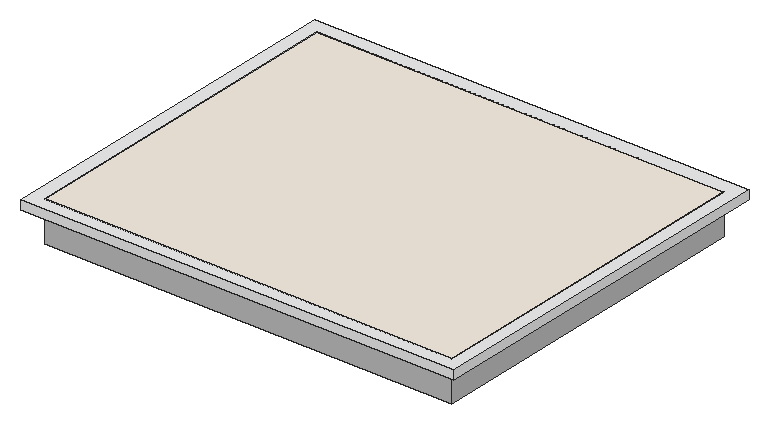
Revit family "Lighting-Industrial-GEWISS-ELIA-HL-LED_HIGHBAY", category Apparecchi per illuminazione, host Superficie, Revit 2019 (continued)
Types (12, lengths in mm): name | Weight (kg): | Weight (kg) | Voltage | Technical sheet | System power | Optic | built-in parameter 1150142 | Lumen output (lm) | Model | IDT | File diagramma fotometrico | Description
    3 11107.01 10877.01 \r\n10630.88 10363.22 10071.36 9747.21 9410.96 9088.16 \r\n8769.40 8457.36 8153.39 7861.52 7581.76 7311.42 7054.52 \r\n6817.80 6594.53 6377.99 6166.82 5954.31 5748.53 5557.54 \r\n5374.62 5205.15 5041.06 4878.31 4720.95 4571.65 4429.09 \r\n4283.82 4141.25 4002.72 3866.88 3732.38 3600.56 3476.82 \r\n3357.12 3241.45 3125.78 3010.11 2894.44 2778.77 2664.04 \r\n2548.64 2436.60 2333.71 2235.12 2135.46 2040.90 1956.71 \r\n1878.29 1802.03 1728.73 1657.31 1588.71 1524.15 1461.75 \r\n1400.01 1339.08 1279.09 1220.32 1162.21 1106.40 1054.08 \r\n1004.31 956.70 911.24 867.79 825.56 783.73 743.25 706.13 \r\n670.89 636.86 604.04 571.49 539.88 509.62 480.84 454.34 \r\n429.59 405.52 382.52 360.73 339.48 318.63 298.59 279.89 \r\n261.70 243.35 225.14 207.09 189.34 171.99 155.28 139.52 \r\n124.55 110.38 96.88 83.86 71.50 59.99 49.21 39.11 29.98 \r\n22.09 15.57 10.66 7.25 5.30 4.84 \r\n13471.52 13472.86 13475.55 13478.24 13480.93 13486.31 \r\n13491.69 13499.76 13506.49 13514.56 13523.97 13533.39 \r\n13544.15 13556.25 13569.70 13583.15 13596.60 13610.05 \r\n13624.85 13638.30 13654.44 13667.89 13684.03 13698.82 \r\n13714.96 13728.41 13743.21 13756.66 13770.11 13780.87 \r\n13791.63 13801.04 13809.11 13814.49 13818.53 13819.87 \r\n13819.87 13815.84 13810.46 13802.39 13791.63 13776.83 \r\n13760.69 13739.17 13716.31 13690.75 13659.82 13626.19 \r\n13589.88 13548.18 13501.11 13452.69 13400.23 13341.05 \r\n13277.84 13206.55 13132.58 13049.19 12960.42 12860.89 \r\n12751.94 12637.62 12511.19 12372.65 12222.01 12063.30 \r\n11892.49 11712.26 11522.61 11324.90 11115.08 10889.12 \r\n10642.98 10376.67 10087.50 9763.35 9428.45 9101.61 \r\n8778.81 8462.74 8157.42 7864.21 7581.76 7312.76 7059.90 \r\n6824.53 6599.91 6382.02 6169.51 5958.35 5753.91 5561.57 \r\n5378.65 5206.49 5039.71 4876.97 4718.26 4568.96 4423.70 \r\n4279.79 4137.22 4000.03 3864.18 3731.03 3600.56 3476.82 \r\n3357.12 3240.11 3124.43 3010.11 2894.44 2780.11 2664.98 \r\n2549.72 2437.54 2332.36 2231.76 2133.04 2039.56 1956.03 \r\n1878.02 1802.03 1728.86 1657.58 1588.98 1524.42 1462.01 \r\n1400.28 1339.49 1278.96 1219.38 1160.87 1104.38 1051.92 \r\n1002.16 955.35 910.70 867.66 825.83 783.73 743.25 706.26 \r\n671.29 637.66 604.98 572.57 541.23 511.10 482.45 456.22 \r\n431.48 407.00 383.32 361.13 339.61 318.90 298.86 280.16 \r\n262.15 243.92 225.73 207.40 189.38 171.97 155.25 139.53 \r\n124.57 110.33 96.75 83.70 71.34 59.83 49.08 38.95 29.82 \r\n22.02 15.59 10.68 7.25 5.30 4.83 \r\n13471.52 13474.21 13475.55 13478.24 13482.28 13486.31 \r\n13493.04 13499.76 13506.49 13514.56 13523.97 13534.73 \r\n13544.15 13556.25 13568.36 13581.81 13596.60 13610.05 \r\n13623.50 13638.30 13653.09 13669.23 13682.68 13698.82 \r\n13713.62 13727.07 13741.86 13755.31 13768.76 13780.87 \r\n13790.28 13801.04 13807.77 13813.15 13818.53 13818.53 \r\n13819.87 13817.18 13810.46 13802.39 13791.63 13776.83 \r\n13760.69 13740.52 13716.31 13690.75 13662.51 13630.23 \r\n13591.22 13549.53 13505.14 13455.38 13402.92 13345.09 \r\n13280.53 13211.93 13136.61 13054.57 12965.80 12866.27 \r\n12760.01 12644.34 12517.91 12380.72 12231.43 12071.37 \r\n11901.90 11720.33 11529.34 11331.62 11121.80 10895.84 \r\n10652.40 10387.43 10099.60 9778.15 9441.90 9112.37 \r\n8785.54 8468.12 8158.77 7862.87 7581.76 7315.45 7063.94 \r\n6829.91 6606.64 6387.40 6173.55 5963.73 5760.64 5568.30 \r\n5384.03 5207.84 5038.37 4874.28 4714.22 4563.59 4418.32 \r\n4274.41 4133.18 3997.34 3862.84 3729.68 3599.22 3475.48 \r\n3354.43 3237.41 3123.09 3007.42 2893.09 2778.77 2665.66 \r\n2550.79 2438.22 2330.62 2227.86 2129.81 2038.08 1955.23 \r\n1877.35 1801.63 1728.73 1657.85 1589.52 1524.96 1462.55 \r\n1400.95 1339.89 1278.96 1218.70 1159.39 1102.63 1049.77 \r\n1000.28 954.14 910.30 867.79 825.96 783.87 743.38 706.66 \r\n672.10 638.61 606.19 574.05 542.71 512.71 484.33 458.38 \r\n433.49 408.48 384.40 361.67 339.88 318.90 299.13 280.57 \r\n262.68 244.51 226.28 207.69 189.40 171.93 155.24 139.54 \r\n124.64 110.30 96.61 83.52 71.16 59.66 48.93 38.78 29.63 \r\n21.93 15.59 10.69 7.24 5.29 4.82 \r\n13471.52 13474.21 13475.55 13478.24 13482.28 13487.66 \r\n13493.04 13499.76 13506.49 13514.56 13522.63 13533.39 \r\n13544.15 13556.25 13569.70 13583.15 13596.60 13610.05 \r\n13623.50 13638.30 13653.09 13667.89 13684.03 13697.48 \r\n13713.62 13727.07 13741.86 13755.31 13768.76 13779.52 \r\n13790.28 13801.04 13807.77 13813.15 13817.18 13818.53 \r\n13818.53 13815.84 13810.46 13803.73 13791.63 13778.18 \r\n13762.04 13741.86 13719.00 13692.10 13663.85 13631.57 \r\n13593.91 13553.56 13506.49 13459.41 13405.61 13347.78 \r\n13284.56 13215.97 13140.65 13058.60 12969.83 12871.65 \r\n12765.39 12649.72 12524.64 12387.45 12239.50 12079.44 \r\n11907.28 11727.05 11536.06 11337.00 11125.84 10899.88 \r\n10657.78 10396.85 10110.36 9790.25 9454.00 9121.79 \r\n8792.26 8470.81 8160.11 7861.52 7581.76 7315.45 7067.97 \r\n6835.29 6614.71 6391.44 6176.24 5969.11 5770.05 5576.37 \r\n5389.41 5209.18 5037.02 4870.24 4711.53 4559.55 4411.60 \r\n4267.68 4127.80 3991.96 3858.80 3726.99 3596.53 3472.79 \r\n3353.09 3236.07 3120.40 3007.42 2893.09 2780.11 2666.06 \r\n2551.73 2438.75 2328.46 2223.28 2126.44 2036.46 1954.15 \r\n1876.68 1801.22 1728.59 1658.12 1590.06 1525.63 1463.23 \r\n1401.76 1340.70 1279.09 1218.30 1158.45 1101.02 1047.89 \r\n998.39 953.20 910.03 867.79 826.23 784.13 743.65 707.34 \r\n673.04 639.68 607.40 575.39 544.46 514.73 486.62 460.53 \r\n435.65 410.22 385.48 362.21 340.02 319.17 299.40 281.10 \r\n263.20 245.06 226.78 207.96 189.43 171.89 155.23 139.58 \r\n124.71 110.28 96.49 83.36 70.98 59.48 48.77 38.59 29.46 \r\n21.83 15.58 10.69 7.23 5.28 4.80 \r\n13471.52 13474.21 13475.55 13478.24 13482.28 13487.66 \r\n13493.04 13499.76 13505.14 13513.21 13522.63 13533.39 \r\n13544.15 13556.25 13568.36 13581.81 13595.26 13610.05 \r\n13623.50 13638.30 13653.09 13667.89 13682.68 13697.48 \r\n13712.27 13728.41 13741.86 13755.31 13767.42 13779.52 \r\n13790.28 13799.70 13806.42 13811.80 13817.18 13819.87 \r\n13818.53 13815.84 13810.46 13802.39 13791.63 13778.18 \r\n13760.69 13741.86 13719.00 13693.44 13665.20 13631.57 \r\n13595.26 13554.91 13509.18 13460.76 13406.96 13350.47 \r\n13287.25 13217.31 13143.34 13062.64 12973.87 12877.03 \r\n12770.77 12655.10 12528.67 12392.83 12246.22 12084.82 \r\n11912.66 11731.09 11538.75 11338.35 11127.18 10902.57 \r\n10661.81 10400.88 10117.09 9796.98 9463.42 9128.51 \r\n8796.30 8472.15 8158.77 7861.52 7579.07 7316.80 7072.01 \r\n6840.67 6620.09 6396.82 6178.93 5975.84 5778.12 5583.10 \r\n5394.80 5210.53 5035.68 4868.90 4708.85 4552.82 4404.88 \r\n4260.96 4122.43 3987.92 3856.11 3724.30 3595.18 3471.45 \r\n3349.05 3232.03 3117.71 3004.73 2891.75 2778.77 2666.33 \r\n2552.27 2439.02 2326.31 2218.98 2123.22 2034.85 1953.07 \r\n1875.74 1800.69 1728.46 1658.25 1590.60 1526.44 1464.03 \r\n1402.57 1341.64 1279.50 1217.90 1157.51 1099.54 1046.41 \r\n997.05 952.39 909.89 867.93 826.50 784.40 744.05 707.87 \r\n673.98 640.76 608.75 576.87 546.20 516.61 488.64 462.68 \r\n437.53 411.70 386.42 362.61 340.15 319.44 299.80 281.37 \r\n263.69 245.56 227.21 208.19 189.44 171.88 155.23 139.64 \r\n124.78 110.26 96.37 83.20 70.80 59.31 48.61 38.41 29.28 \r\n21.73 15.56 10.68 7.21 5.26 4.79 \r\n13471.52 13474.21 13476.90 13479.59 13482.28 13487.66 \r\n13493.04 13499.76 13506.49 13514.56 13522.63 13532.04 \r\n13544.15 13556.25 13569.70 13583.15 13596.60 13610.05 \r\n13623.50 13638.30 13653.09 13666.54 13682.68 13697.48 \r\n13712.27 13727.07 13740.52 13753.97 13767.42 13779.52 \r\n13790.28 13799.70 13806.42 13813.15 13817.18 13818.53 \r\n13818.53 13815.84 13811.80 13803.73 13792.97 13779.52 \r\n13762.04 13741.86 13719.00 13694.79 13666.54 13632.92 \r\n13596.60 13556.25 13510.52 13462.10 13409.65 13350.47 \r\n13287.25 13220.00 13144.68 13063.98 12976.56 12879.72 \r\n12773.46 12657.79 12531.36 12395.52 12248.91 12087.51 \r\n11915.35 11732.43 11540.10 11341.04 11128.53 10903.91 \r\n10663.16 10403.57 10121.12 9803.70 9470.14 9133.89 \r\n8800.33 8472.15 8157.42 7858.83 7577.73 7318.14 7074.70 \r\n6846.05 6625.47 6399.51 6181.62 5979.87 5784.85 5591.16 \r\n5400.17 5214.56 5032.99 4866.21 4706.15 4548.79 4398.15 \r\n4255.58 4118.39 3983.89 3852.08 3722.96 3593.84 3468.75 \r\n3346.36 3230.69 3116.36 3002.04 2890.40 2778.77 2666.33 \r\n2552.54 2439.02 2324.29 2215.21 2120.26 2033.51 1952.00 \r\n1874.93 1800.15 1728.19 1658.52 1591.27 1527.11 1464.70 \r\n1403.37 1342.44 1279.90 1217.76 1156.70 1098.60 1045.20 \r\n996.11 951.72 910.03 868.06 826.77 784.81 744.32 708.55 \r\n674.92 641.83 609.69 578.35 547.82 518.36 490.52 464.43 \r\n439.14 412.91 387.36 363.15 340.42 319.57 300.07 281.91 \r\n264.10 245.96 227.53 208.34 189.44 171.85 155.23 139.68 \r\n124.84 110.26 96.28 83.07 70.65 59.17 48.47 38.27 29.13 \r\n21.64 15.54 10.67 7.19 5.24 4.77 \r\n13471.52 13474.21 13476.90 13479.59 13482.28 13487.66 \r\n13493.04 13498.42 13506.49 13514.56 13522.63 13533.39 \r\n13544.15 13557.60 13568.36 13581.81 13595.26 13608.71 \r\n13624.85 13638.30 13651.75 13667.89 13681.34 13697.48 \r\n13713.62 13727.07 13740.52 13753.97 13767.42 13778.18 \r\n13791.63 13799.70 13807.77 13813.15 13815.84 13818.53 \r\n13818.53 13815.84 13810.46 13802.39 13791.63 13778.18 \r\n13762.04 13740.52 13719.00 13694.79 13667.89 13632.92 \r\n13597.95 13554.91 13509.18 13463.45 13409.65 13350.47 \r\n13288.60 13218.66 13146.03 13065.33 12976.56 12879.72 \r\n12774.81 12659.14 12532.71 12398.21 12250.26 12088.86 \r\n11916.70 11733.78 11540.10 11341.04 11125.84 10902.57 \r\n10663.16 10402.23 10119.78 9805.05 9474.18 9135.24 \r\n8798.99 8473.50 8156.08 7857.49 7575.04 7316.80 7077.39 \r\n6848.74 6628.16 6402.20 6184.31 5985.25 5791.57 5595.20 \r\n5404.21 5215.91 5032.99 4863.52 4704.81 4546.10 4392.77 \r\n4250.20 4113.01 3981.20 3849.39 3720.27 3591.15 3467.41 \r\n3346.36 3228.00 3115.02 3002.04 2889.06 2778.77 2666.33 \r\n2552.81 2439.02 2322.55 2212.26 2117.84 2032.29 1951.33 \r\n1874.39 1799.88 1728.06 1658.65 1591.67 1527.65 1465.24 \r\n1404.18 1343.12 1280.17 1217.76 1156.43 1097.79 1044.53 \r\n995.30 951.45 910.03 868.33 826.91 784.94 744.86 709.08 \r\n675.46 642.64 610.63 579.43 549.03 519.71 492.00 465.91 \r\n440.35 413.99 387.90 363.42 340.55 319.84 300.20 282.18 \r\n264.43 246.24 227.76 208.45 189.43 171.84 155.24 139.72 \r\n124.90 110.26 96.22 82.96 70.53 59.05 48.37 38.14 29.00 \r\n21.57 15.51 10.65 7.18 5.23 4.76 \r\n" | "26900" | "GWF1001QL840" | "41a02382-e4e0-4462-b4b9-29a0c934e8ad" | "GWF1001QL840.IES" | "ELIA HL L2 90° 4000K S.ALONE DALI"
